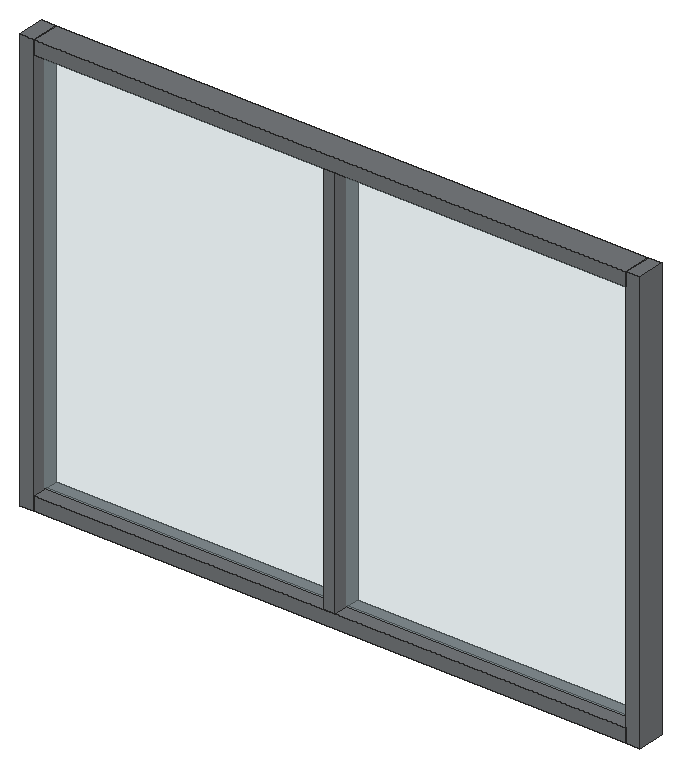
Revit family "LC W17 - A11", category Windows, host Wall, Revit 2027
Family settings
  Host = Wall
  Always vertical = Yes
  Cut with Voids When Loaded = No
  Shared = No
  Room Calculation Point = No
Parameters (values of type "A11 nominal size")
  Height = 1520 mm  # constant formula
  Description = "A07/A08 position, A11 overall sizes. Frame50x100 and glazing6mm are visual coordination profiles; manufacturer sections/glazing specification pending. Panel divisions follow schedule appearance, undimensioned divisions provisional."
  Default Sill Height = 0 mm
  Wall Closure = By host
  Width = 2230 mm  # constant formula
Reference planes
  plane 1 "Center (Front/Back)": y = 0
  plane 2 "Center (Left/Right)": x = 0
  plane 3 "Left": x = -1115
  plane 4 "Right": x = 1115
  plane 5 "Sill": z = 0
  plane 6 "Head": z = 1520
  plane 7 "Exterior": y = 100
  plane 8 "Interior": y = -100
Forms (mm)
  Extrusion 1, solid, material "LC Aluminium - charcoal coordination"
    sketch origin (0, 0, 0) x (1, 0, 0) y (0, 1, 0)
      loop
        line (-1115, -50) -> (-1065, -50) -> (-1065, 50) -> (-1115, 50) -> (-1115, -50)
    from 0 to 1520
  Extrusion 2, solid, material "LC Aluminium - charcoal coordination"
    sketch origin (0, 0, 0) x (1, 0, 0) y (0, 1, 0)
      loop
        line (1065, -50) -> (1115, -50) -> (1115, 50) -> (1065, 50) -> (1065, -50)
    from 0 to 1520
  Extrusion 3, solid, material "LC Aluminium - charcoal coordination"
    sketch origin (0, 0, 0) x (1, 0, 0) y (0, 1, 0)
      loop
        line (-1065, -50) -> (1065, -50) -> (1065, 50) -> (-1065, 50) -> (-1065, -50)
    from 1470 to 1520
  Extrusion 4, solid, material "LC Aluminium - charcoal coordination"
    sketch origin (0, 0, 0) x (1, 0, 0) y (0, 1, 0)
      loop
        line (-1065, -50) -> (1065, -50) -> (1065, 50) -> (-1065, 50) -> (-1065, -50)
    from 0 to 50
  Extrusion 5, solid, material "LC Aluminium - charcoal coordination"
    sketch origin (0, 0, 0) x (1, 0, 0) y (0, 1, 0)
      loop
        line (-20, -50) -> (20, -50) -> (20, 50) -> (-20, 50) -> (-20, -50)
    from 50 to 1470
  Extrusion 6, solid, material "LC Glazing - specification pending"
    sketch origin (0, 0, 0) x (1, 0, 0) y (0, 1, 0)
      loop
        line (-1065, -3) -> (0, -3) -> (0, 3) -> (-1065, 3) -> (-1065, -3)
    from 50 to 1470
  Extrusion 7, solid, material "LC Glazing - specification pending"
    sketch origin (0, 0, 0) x (1, 0, 0) y (0, 1, 0)
      loop
        line (0, -3) -> (1065, -3) -> (1065, 3) -> (0, 3) -> (0, -3)
    from 50 to 1470
Lines and regions (mm)
  Opening 1
    outline origin (3500, -100, 0) x (1, 0, 0) y (0, 0, 1)
      loop
        line (-2385, 0) -> (-2385, 1520) -> (-4615, 1520) -> (-4615, 0) -> (-2385, 0)
Text (mm)
  text "Exterior" at (-1963.203, 1332.353, 0), in view "Ref. Level"
  text "Interior" at (-1981.466, -818.386, 0), in view "Ref. Level"
  text "Exterior" at (0, 923.751, 2943.296), in view "Right"
  text "Exterior" at (0, 1040.484, 2685.409), in view "Left"
Dimensions and locks
  equal spacing: plane 3 "Left", plane 2 "Center (Left/Right)", plane 4 "Right"
  "Width": plane 3 "Left" to plane 4 "Right"
  "Height": plane 5 "Sill" to plane 6 "Head"
  "Default Sill Height": plane 5 "Sill" to level
  locked: plane 7 "Exterior" to host wall
  locked: plane 8 "Interior" to host wall
Automatic sketch dimensions
  Opening 1 sketch curve to plane 3 "Left" = 0 mm
  Opening 1 sketch curve to plane 4 "Right" = 0 mm
  Opening 1 sketch curve to plane 5 "Sill" = 0 mm
  Opening 1 sketch curve to plane 6 "Head" = 0 mm
  Extrusion 1 sketch curve to plane 3 "Left" = 0 mm
  Extrusion 1 sketch curve to Extrusion 1 sketch curve = 50 mm
  host wall to Extrusion 1 sketch curve = 50 mm
  Extrusion 1 sketch curve to host wall = 50 mm
  Extrusion 2 sketch curve to plane 4 "Right" = 0 mm
  plane 4 "Right" to Extrusion 2 sketch curve = 50 mm
  host wall to Extrusion 2 sketch curve = 50 mm
  Extrusion 2 sketch curve to host wall = 50 mm
  Extrusion 3 sketch curve to plane 3 "Left" = 50 mm
  plane 4 "Right" to Extrusion 3 sketch curve = 50 mm
  host wall to Extrusion 3 sketch curve = 50 mm
  Extrusion 3 sketch curve to host wall = 50 mm
  Extrusion 4 sketch curve to plane 3 "Left" = 50 mm
  plane 4 "Right" to Extrusion 4 sketch curve = 50 mm
  host wall to Extrusion 4 sketch curve = 50 mm
  Extrusion 4 sketch curve to host wall = 50 mm
  plane 2 "Center (Left/Right)" to Extrusion 5 sketch curve = 20 mm
  Extrusion 5 sketch curve to plane 2 "Center (Left/Right)" = 20 mm
  host wall to Extrusion 5 sketch curve = 50 mm
  Extrusion 5 sketch curve to host wall = 50 mm
  Extrusion 6 sketch curve to plane 2 "Center (Left/Right)" = 0 mm
  host wall to Extrusion 6 sketch curve = 3 mm
  Extrusion 6 sketch curve to plane 3 "Left" = 50 mm
  Extrusion 6 sketch curve to host wall = 3 mm
  Extrusion 7 sketch curve to plane 2 "Center (Left/Right)" = 0 mm
  Extrusion 7 sketch curve to host wall = 3 mm
  plane 4 "Right" to Extrusion 7 sketch curve = 50 mm
  host wall to Extrusion 7 sketch curve = 3 mm
